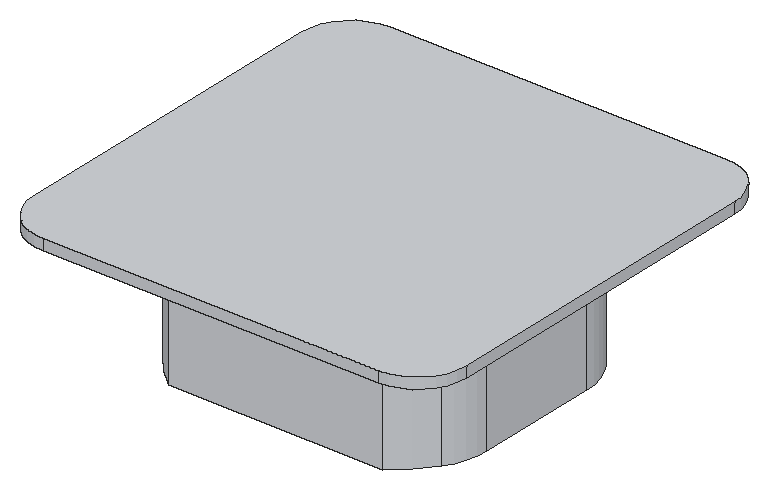
Revit family "Gira_003302", category Electrical Fixtures, host Face, Revit 2017
Family settings
  Host = Face
  Maintain Annotation Orientation = Yes
  Round Connector Dimension = Use Diameter
  Part Type = Normal
  Cut with Voids When Loaded = No
  Shared = No
  Room Calculation Point = No
Parameters (values of type "TAE-Anschlussdose TAE 3 x 6 NFN Einsatz Weiß")
  Unterputz = "Yes"
  URL = "http://katalog.gira.de/de_DE/datenblatt.html?artikelnr=003302"
  Steckverbindertyp = "sonstige"
  Separater Erdungsanschluss = "No"
  Separate Kabelzugentlastung = "Yes"
  Schutzart (IP) = "IP20"
  Region = "DE"
  Name = "TAE-Anschlussdose TAE 3 x 6 NFN Einsatz Weiß"
  Montageart Schirmanschluss = "Schraube"
  Mit Textfeld = "No"
  Mechanische Kodierung = "No"
  Manufacturer URL = "https://www.gira.de/"
  Keynote = "Einsatz_1fach"
  Kategorie = "sonstige"
  Kanaleinbau = "No"
  HeinzeBIM = "https://bimportal.heinze.de/bim/tae-anschlussdose-tae-3-x-6-nfn-einsatz-weiss/680bd5cfdaecf6b684055a1fd9133bc224f779a1"
  HAN = "003302"
  Gehäuse geschirmt = "No"
  GTIN = "4010337034605"
  Farbe = "sonstige"
  Designfähig = "No"
  Default Elevation = 1219.2 mm
  Data sheet (1) = "https://katalog.gira.de/de_DE/download.html?artikelnr=003302"
  Category = "Kommunikationsanschlussdose Kupfer"
  Buchsen geschirmt = "Yes"
  Bodentank/Unterflurmontage = "No"
  Befestigungsart = "schrauben"
  Available = "Yes"
  Auslassrichtung = "unten"
  Aufputz = "No"
  Anschlussart = "Schraube"
  Abschlusswiderstand = "No"
Reference planes
  plane 1 "Center (Front/Back)": y = 0
  plane 2: z = 0
  plane 3 "Center (Left/Right)": x = 0
Forms (mm)
  Extrusion 1, solid, detail levels fine
    sketch origin (0, 0, 0) x (1, 0, 0) y (0, 1, 0)
      loop
        line (27.475, 35.475) -> (-27.475, 35.475)
        arc (-27.475, 35.475) -> (-33.132, 33.132) -> (-35.475, 27.475) r 8
        line (-35.475, 27.475) -> (-35.475, -27.475)
        arc (-35.475, -27.475) -> (-33.132, -33.132) -> (-27.475, -35.475) r 8
        line (-27.475, -35.475) -> (27.475, -35.475)
        arc (27.475, -35.475) -> (33.132, -33.132) -> (35.475, -27.475) r 8
        line (35.475, -27.475) -> (35.475, 27.475)
        arc (35.475, 27.475) -> (33.132, 33.132) -> (27.475, 35.475) r 8
    from 0 to 1.8
  Extrusion 2, solid, detail levels fine
    sketch origin (0, 0, 0) x (1, 0, 0) y (0, 1, 0)
      loop
        line (9.678, 25.4) -> (-9.678, 25.4)
        arc (-9.678, 25.4) -> (-12.885, 24.922) -> (-15.814, 23.53) r 11
        arc (-15.814, 23.53) -> (-17.795, 22.07) -> (-19.641, 20.444) r 28.35
        arc (-19.641, 20.444) -> (-21.339, 18.665) -> (-22.876, 16.745) r 28.35
        arc (-22.876, 16.745) -> (-24.456, 13.666) -> (-25, 10.248) r 11
        line (-25, 10.248) -> (-25, -10.248)
        arc (-25, -10.248) -> (-24.456, -13.666) -> (-22.876, -16.745) r 11
        arc (-22.876, -16.745) -> (-20.409, -19.677) -> (-17.569, -22.25) r 28.35
        line (-17.569, -22.25) -> (17.569, -22.25)
        arc (17.569, -22.25) -> (20.409, -19.677) -> (22.876, -16.745) r 28.35
        arc (22.876, -16.745) -> (24.456, -13.666) -> (25, -10.248) r 11
        line (25, -10.248) -> (25, 10.248)
        arc (25, 10.248) -> (24.456, 13.666) -> (22.876, 16.745) r 11
        arc (22.876, 16.745) -> (21.593, 18.37) -> (20.195, 19.897) r 28.35
        arc (20.195, 19.897) -> (18.096, 21.823) -> (15.814, 23.53) r 28.35
        arc (15.814, 23.53) -> (12.885, 24.922) -> (9.678, 25.4) r 11
    from -22 to 0
  Extrusion 3, solid, detail levels medium
    sketch origin (0, 0, 0) x (1, 0, 0) y (0, 1, 0)
      loop
        line (-25, 25.4) -> (-25, -22.25) -> (25, -22.25) -> (25, 25.4) -> (-25, 25.4)
    from -22 to 0
  Extrusion 4, solid, detail levels coarse
    sketch origin (0, 0, 0) x (1, 0, 0) y (0, 1, 0)
      loop
        line (35.475, 35.475) -> (-35.475, 35.475) -> (-35.475, -35.475) -> (35.475, -35.475) -> (35.475, 35.475)
    from -22 to 1.8
  Extrusion 5, solid, detail levels medium
    sketch origin (0, 0, 0) x (1, 0, 0) y (0, 1, 0)
      loop
        line (35.475, 35.475) -> (-35.475, 35.475) -> (-35.475, -35.475) -> (35.475, -35.475) -> (35.475, 35.475)
    from 0 to 1.8
Dimensions and locks
  aligned and locked: plane 2 to host face
  aligned and locked: level to host face
  aligned and locked: plane 3 "Center (Left/Right)" to nested 1
  aligned and locked: plane 1 "Center (Front/Back)" to nested 1
Nested families
  nested 1: "RJ45-Datendose Beschriftung" at (0, 0, 0), type "RJ45-Datendose Beschriftung"
Connectors
  electrical at (0, 0, -22)
    settings: on Extrusion 4, index 1, voltage 220 V, apparent load 0 VA, apparent load phase1 0 VA, apparent load phase2 0 VA, apparent load phase3 0 VA, power factor 1, load classification "Other", number of poles 1, system type 30, power factor state 1, is connector primary yes, connector utility no, sub classification motor no, connector description ""
Definition of nested family "RJ45-Datendose Beschriftung"
  Reference planes
    plane 1: y = 0
    plane 2: x = 0
  Lines and regions (mm)
    Filled region 1, type "Gefüllter Bereich 1"
      outline origin (0, 0, 0) x (1, 0, 0) y (0, 1, 0)
        loop
          circle (0, 2.4) r 0.4
    detail lines
      curve 1: line (0, 0, 0) -> (0, 2, 0)
      curve 2: line (0, 2, 0) -> (1.2, 2, 0)
      curve 3: line (1.2, 2, 0) -> (1.2, 3.6, 0)
      curve 4: circle (0, 2.4, 0) r 0.4 normal (0, 0, 1)
      curve 5: line (0, 2, 0) -> (-1.2, 2, 0)
      curve 6: line (-1.2, 2, 0) -> (-1.2, 3.6, 0)
